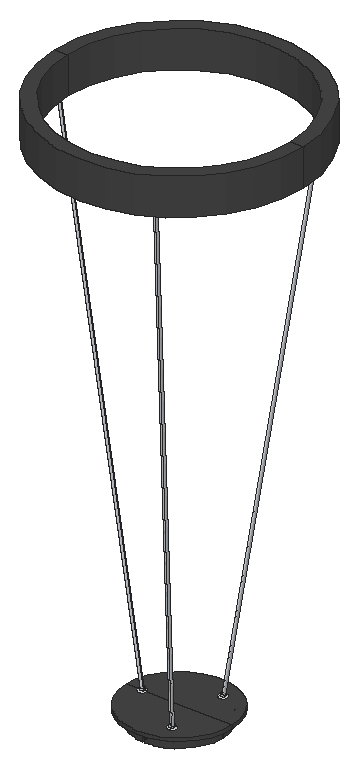
Revit family "VISS ROUND LED LIGHT", category Lighting Fixtures, host Face, Revit 2020
Family settings
  Host = Face
  Round Connector Dimension = Use Diameter
  Part Type = Normal
  Cut with Voids When Loaded = No
  Light Source = Yes
  Shared = No
  Room Calculation Point = No
Parameters (values of type "VSI-R-3624-30901-ACPMK-BK")
  Wattage Comments = "36W"
  Wattage = 16.9649 W
  built-in parameter 1150110 = 1 (stored number, unit not read)
  Voltage = 277 V
  URL = "https://www.abovealllighting.com/search/index.html?keys=VISS%20ROUND%20LED%20LIGHT"
  Type Comments = "VISS ROUND LED LIGHT Acoustic"  # constant formula
  built-in parameter 1114217 = 1 (stored number, unit not read)
  Total Length = 5' - 0"
  Tilt Angle = 90.00°  # constant formula
  built-in parameter 1150109 = 1 (stored number, unit not read)
  built-in parameter 1150134 = (empty or 0)
  Suspender Height = 4' - 0"  # constant formula
  Surface Mount = no
  built-in parameter 1150113 = 1 (stored number, unit not read)
  Surface Acoustic Body = no
  Power Factor = 1  # constant formula
  Photometric Web File = "VSI_R_3624_XX901.IES"
  Order number = "17598"
  Model = "VSI-R-3624-30901-ACPMK-BK"
  Manufacturer = "Above All Lighting"  # constant formula
  built-in parameter 1150105 = 200.54 (stored number, unit not read)
  Lumens = 2520 lm
  built-in parameter 1150115 = 1 (stored number, unit not read)
  Load Classification = Lighting
  built-in parameter 1150137 = (empty or 0)
  built-in parameter 1150139 = (empty or 0)
  built-in parameter 1150112 = 1 (stored number, unit not read)
  built-in parameter 1150114 = 1 (stored number, unit not read)
  built-in parameter 1150132 = 2
  built-in parameter 1150102 = (empty or 0)
  built-in parameter 1150107 = 3000 (stored number, unit not read)
  built-in parameter 1150138 = (empty or 0)
  built-in parameter 1150106 = 2.0054 (stored number, unit not read)
  IP Rating = "20"  # constant formula
  H2 [instance] = sqrt((B1 ^ 2) + (H1 ^ 2))  # 4' - 7.69305"
  H1 [instance] = Total Length - (B + Fixture Height)  # 4' - 7.12"
  Fixture Height = 0' - 3 1/2"
  Fixture Diameter = 0' - 11 205/256"
  built-in parameter 1150104 = 13.8 (stored number, unit not read)
  Driver Options = "0-10V"  # constant formula
  Dimming Lamp Color Temperature Shift = <None>
  Description = "The Viss Series has an unique square and round style with an LED light source illuminating its inner surface."  # constant formula
  Default Elevation = 0' - 0"
  Color Filter = 16777215
  CRI = "90"  # constant formula
  built-in parameter 1114218 = 1 (stored number, unit not read)
  BODY FINISH = Black
  B2 = Fixture Diameter - 0' 0 85/256"  # 0' - 11 15/32"
  B1 = B2 - 0' 3 1/2"  # 0' - 7 31/32"
  B = 0' - 1.38"
  Average life based on 77F(HRS) = "50000"  # constant formula
  built-in parameter 1150133 = 10 (stored number, unit not read)
  Apparent Load = 45 VA
  Aircraft Cable Pendant Mount = yes
  Acoustic Body = no
  Acoustic = Acoustic -130
Types (64): name | Wattage Comments | Wattage | built-in parameter 1150134 | Surface Mount | Surface Acoustic Body | Photometric Web File | Order number | Model | built-in parameter 1150105 | Lumens | built-in parameter 1150107 | built-in parameter 1150106 | H2 | Fixture Diameter | BODY FINISH | B2 | B1 | Apparent Load | Aircraft Cable Pendant Mount | Acoustic Body
  VSI-R-1514-30901-ACPMK-WH | "15W" | 7.06871 W | (empty or 0) | no | no | "VSI-R-1514-30901.IES" | "17592" | "VSI-R-1514-30901-ACPMK-WH" | 83.556 (stored number, unit not read) | 1050 lm | 3000 (stored number, unit not read) | 0.83556 (stored number, unit not read) | 4' - 7.21688" | 0' - 7 13/128" | White | 0' - 6 197/256" | 0' - 3 69/256" | 18.75 VA | yes | no
  VSI-R-2518-30901-ACPMK-WH | "25W" | 11.7812 W | (empty or 0) | no | no | "VSI-R-2518-30901.IES" | "17593" | "VSI-R-2518-30901-ACPMK-WH" | 139.26 (stored number, unit not read) | 1750 lm | 3000 (stored number, unit not read) | 1.3926 (stored number, unit not read) | 4' - 7.34808" | 0' - 8 109/128" | White | 0' - 8 133/256" | 0' - 5 5/256" | 31.25 VA | yes | no
  VSI-R-3624-30901-ACPMK-WH | "36W" | 16.9649 W | (empty or 0) | no | no | "VSI_R_3624_XX901.IES" | "17594" | "VSI-R-3624-30901-ACPMK-WH" | 200.54 (stored number, unit not read) | 2520 lm | 3000 (stored number, unit not read) | 2.0054 (stored number, unit not read) | 4' - 7.69305" | 0' - 11 205/256" | White | 0' - 11 15/32" | 0' - 7 31/32" | 45 VA | yes | no
  VSI-R-5032-30901-ACPMK-WH | "50W" | 23.5624 W | (empty or 0) | no | no | "VSI_R_5032_XX901.IES" | "17595" | "VSI-R-5032-30901-ACPMK-WH" | 278.52 (stored number, unit not read) | 3500 lm | 3000 (stored number, unit not read) | 2.7852 (stored number, unit not read) | 4' - 8.39373" | 1' - 3 3/4" | White | 1' - 3 107/256" | 0' - 11 235/256" | 62.5 VA | yes | no
  VSI-R-1514-40901-ACPMK-WH | "15W" | 7.06871 W | 12 | no | no | "VSI_R_1514_XX901.IES" | "17600" | "VSI-R-1514-40901-ACPMK-WH" | 83.556 (stored number, unit not read) | 1050 lm | 4000 (stored number, unit not read) | 0.83556 (stored number, unit not read) | 4' - 7.21688" | 0' - 7 13/128" | White | 0' - 6 197/256" | 0' - 3 69/256" | 18.75 VA | yes | no
  VSI-R-2518-40901-ACPMK-WH | "25W" | 11.7812 W | 12 | no | no | "VSI_R_2518_XX901.IES" | "17601" | "VSI-R-2518-40901-ACPMK-WH" | 139.26 (stored number, unit not read) | 1750 lm | 4000 (stored number, unit not read) | 1.3926 (stored number, unit not read) | 4' - 7.34808" | 0' - 8 109/128" | White | 0' - 8 133/256" | 0' - 5 5/256" | 31.25 VA | yes | no
  VSI-R-3624-40901-ACPMK-WH | "36W" | 16.9649 W | 12 | no | no | "VSI-S-3624-40901.IES" | "17602" | "VSI-R-3624-40901-ACPMK-WH" | 200.54 (stored number, unit not read) | 2520 lm | 4000 (stored number, unit not read) | 2.0054 (stored number, unit not read) | 4' - 7.69305" | 0' - 11 205/256" | White | 0' - 11 15/32" | 0' - 7 31/32" | 45 VA | yes | no
  VSI-R-5032-40901-ACPMK-WH | "50W" | 23.5624 W | 12 | no | no | "VSI-R-5032-40901.IES" | "17603" | "VSI-R-5032-40901-ACPMK-WH" | 278.52 (stored number, unit not read) | 3500 lm | 4000 (stored number, unit not read) | 2.7852 (stored number, unit not read) | 4' - 8.39373" | 1' - 3 3/4" | White | 1' - 3 107/256" | 0' - 11 235/256" | 62.5 VA | yes | no
  VSI-R-LA-1514-30901-ACPMK-WH-NSAC-021 130 | "15W" | 7.06871 W | (empty or 0) | no | no | "VSI_R_1514_with_acoustic.IES" | "17608" | "VSI-R-LA-1514-30901-ACPMK-WH-NSAC-021 130" | 83.556 (stored number, unit not read) | 1050 lm | 3000 (stored number, unit not read) | 0.83556 (stored number, unit not read) | 4' - 7.21688" | 0' - 7 13/128" | White | 0' - 6 197/256" | 0' - 3 69/256" | 18.75 VA | yes | yes
  VSI-R-LA-2518-30901-ACPMK-WH-NSAC-021 130 | "25W" | 11.7812 W | (empty or 0) | no | no | "VSI_R_2518_with_acoustic.IES" | "17609" | "VSI-R-LA-2518-30901-ACPMK-WH-NSAC-021 130" | 139.26 (stored number, unit not read) | 1750 lm | 3000 (stored number, unit not read) | 1.3926 (stored number, unit not read) | 4' - 7.34808" | 0' - 8 109/128" | White | 0' - 8 133/256" | 0' - 5 5/256" | 31.25 VA | yes | yes
  VSI-R-LA-3624-30901-ACPMK-WH-NSAC-021 130 | "36W" | 16.9649 W | (empty or 0) | no | no | "VSI_R_3624_with_acoustic.IES" | "17610" | "VSI-R-LA-3624-30901-ACPMK-WH-NSAC-021 130" | 200.54 (stored number, unit not read) | 2520 lm | 3000 (stored number, unit not read) | 2.0054 (stored number, unit not read) | 4' - 7.69305" | 0' - 11 205/256" | White | 0' - 11 15/32" | 0' - 7 31/32" | 45 VA | yes | yes
  VSI-R-LA-5032-30901-ACPMK-WH-NSAC-021 130 | "50W" | 23.5624 W | (empty or 0) | no | no | "VSI_R_5032_with_acoustic.IES" | "17611" | "VSI-R-LA-5032-30901-ACPMK-WH-NSAC-021 130" | 278.52 (stored number, unit not read) | 3500 lm | 3000 (stored number, unit not read) | 2.7852 (stored number, unit not read) | 4' - 8.39373" | 1' - 3 3/4" | White | 1' - 3 107/256" | 0' - 11 235/256" | 62.5 VA | yes | yes
  VSI-R-LA-1514-40901-ACPMK-WH-NSAC-021 130 | "15W" | 7.06871 W | 12 | no | no | "VSI_R_1514_with_acoustic.IES" | "17616" | "VSI-R-LA-1514-40901-ACPMK-WH-NSAC-021 130" | 83.556 (stored number, unit not read) | 1050 lm | 4000 (stored number, unit not read) | 0.83556 (stored number, unit not read) | 4' - 7.21688" | 0' - 7 13/128" | White | 0' - 6 197/256" | 0' - 3 69/256" | 18.75 VA | yes | yes
  VSI-R-LA-2518-40901-ACPMK-WH-NSAC-021 130 | "25W" | 11.7812 W | 12 | no | no | "VSI_R_2518_with_acoustic.IES" | "17617" | "VSI-R-LA-2518-40901-ACPMK-WH-NSAC-021 130" | 139.26 (stored number, unit not read) | 1750 lm | 4000 (stored number, unit not read) | 1.3926 (stored number, unit not read) | 4' - 7.34808" | 0' - 8 109/128" | White | 0' - 8 133/256" | 0' - 5 5/256" | 31.25 VA | yes | yes
  VSI-R-LA-3624-40901-ACPMK-WH-NSAC-021 130 | "36W" | 16.9649 W | 12 | no | no | "VSI_R_3624_with_acoustic.IES" | "17618" | "VSI-R-LA-3624-40901-ACPMK-WH-NSAC-021 130" | 200.54 (stored number, unit not read) | 2520 lm | 4000 (stored number, unit not read) | 2.0054 (stored number, unit not read) | 4' - 7.69305" | 0' - 11 205/256" | White | 0' - 11 15/32" | 0' - 7 31/32" | 45 VA | yes | yes
  VSI-R-LA-5032-40901-ACPMK-WH-NSAC-021 130 | "50W" | 23.5624 W | 12 | no | no | "VSI_R_5032_with_acoustic.IES" | "17619" | "VSI-R-LA-5032-40901-ACPMK-WH-NSAC-021 130" | 278.52 (stored number, unit not read) | 3500 lm | 4000 (stored number, unit not read) | 2.7852 (stored number, unit not read) | 4' - 8.39373" | 1' - 3 3/4" | White | 1' - 3 107/256" | 0' - 11 235/256" | 62.5 VA | yes | yes
  VSI-R-1514-30901-SMK-WH | "15W" | 7.06871 W | (empty or 0) | yes | no | "VSI-R-1514-30901.IES" | "17657" | "VSI-R-1514-30901-SMK-WH" | 83.556 (stored number, unit not read) | 1050 lm | 3000 (stored number, unit not read) | 0.83556 (stored number, unit not read) | 4' - 7.21688" | 0' - 7 13/128" | White | 0' - 6 197/256" | 0' - 3 69/256" | 18.75 VA | no | no
  VSI-R-LA-1514-30901-SMK-WH-NSAC-021 130 | "15W" | 7.06871 W | (empty or 0) | yes | yes | "VSI_R_1514_with_acoustic.IES" | "17673" | "VSI-R-LA-1514-30901-SMK-WH-NSAC-021 130" | 83.556 (stored number, unit not read) | 1050 lm | 3000 (stored number, unit not read) | 0.83556 (stored number, unit not read) | 4' - 7.21688" | 0' - 7 13/128" | White | 0' - 6 197/256" | 0' - 3 69/256" | 18.75 VA | no | no
  VSI-R-2518-30901-SMK-WH | "25W" | 11.7812 W | (empty or 0) | yes | no | "VSI-R-2518-30901.IES" | "17658" | "VSI-R-2518-30901-SMK-WH" | 139.26 (stored number, unit not read) | 1750 lm | 3000 (stored number, unit not read) | 1.3926 (stored number, unit not read) | 4' - 7.34808" | 0' - 8 109/128" | White | 0' - 8 133/256" | 0' - 5 5/256" | 31.25 VA | no | no
  VSI-R-3624-30901-SMK-WH | "36W" | 16.9649 W | (empty or 0) | yes | no | "VSI_R_3624_XX901.IES" | "17659" | "VSI-R-3624-30901-SMK-WH" | 200.54 (stored number, unit not read) | 2520 lm | 3000 (stored number, unit not read) | 2.0054 (stored number, unit not read) | 4' - 7.69305" | 0' - 11 205/256" | White | 0' - 11 15/32" | 0' - 7 31/32" | 45 VA | no | no
  VSI-R-5032-30901-SMK-WH | "50W" | 23.5624 W | (empty or 0) | yes | no | "VSI_R_5032_XX901.IES" | "17660" | "VSI-R-5032-30901-SMK-WH" | 278.52 (stored number, unit not read) | 3500 lm | 3000 (stored number, unit not read) | 2.7852 (stored number, unit not read) | 4' - 8.39373" | 1' - 3 3/4" | White | 1' - 3 107/256" | 0' - 11 235/256" | 62.5 VA | no | no
  VSI-R-1514-40901-SMK-WH | "15W" | 7.06871 W | 12 | yes | no | "VSI_R_1514_XX901.IES" | "17665" | "VSI-R-1514-40901-SMK-WH" | 83.556 (stored number, unit not read) | 1050 lm | 4000 (stored number, unit not read) | 0.83556 (stored number, unit not read) | 4' - 7.21688" | 0' - 7 13/128" | White | 0' - 6 197/256" | 0' - 3 69/256" | 18.75 VA | no | no
  VSI-R-2518-40901-SMK-WH | "25W" | 11.7812 W | 12 | yes | no | "VSI_R_2518_XX901.IES" | "17666" | "VSI-R-2518-40901-SMK-WH" | 139.26 (stored number, unit not read) | 1750 lm | 4000 (stored number, unit not read) | 1.3926 (stored number, unit not read) | 4' - 7.34808" | 0' - 8 109/128" | White | 0' - 8 133/256" | 0' - 5 5/256" | 31.25 VA | no | no
  VSI-R-3624-40901-SMK-WH | "36W" | 16.9649 W | 12 | yes | no | "VSI-R-3624-40901.IES" | "17667" | "VSI-R-3624-40901-SMK-WH" | 200.54 (stored number, unit not read) | 2520 lm | 4000 (stored number, unit not read) | 2.0054 (stored number, unit not read) | 4' - 7.69305" | 0' - 11 205/256" | White | 0' - 11 15/32" | 0' - 7 31/32" | 45 VA | no | no
  VSI-R-5032-40901-SMK-WH | "50W" | 23.5624 W | 12 | yes | no | "VSI-R-5032-40901.IES" | "17668" | "VSI-R-5032-40901-SMK-WH" | 278.52 (stored number, unit not read) | 3500 lm | 4000 (stored number, unit not read) | 2.7852 (stored number, unit not read) | 4' - 8.39373" | 1' - 3 3/4" | White | 1' - 3 107/256" | 0' - 11 235/256" | 62.5 VA | no | no
  VSI-R-LA-2518-30901-SMK-WH-NSAC-021 130 | "25W" | 11.7812 W | (empty or 0) | yes | yes | "VSI_R_2518_with_acoustic.IES" | "17674" | "VSI-R-LA-2518-30901-SMK-WH-NSAC-021 130" | 139.26 (stored number, unit not read) | 1750 lm | 3000 (stored number, unit not read) | 1.3926 (stored number, unit not read) | 4' - 7.34808" | 0' - 8 109/128" | White | 0' - 8 133/256" | 0' - 5 5/256" | 31.25 VA | no | no
  VSI-R-LA-3624-30901-SMK-WH-NSAC-021 130 | "36W" | 16.9649 W | (empty or 0) | yes | yes | "VSI_R_3624_with_acoustic.IES" | "17675" | "VSI-R-LA-3624-30901-SMK-WH-NSAC-021 130" | 200.54 (stored number, unit not read) | 2520 lm | 3000 (stored number, unit not read) | 2.0054 (stored number, unit not read) | 4' - 7.69305" | 0' - 11 205/256" | White | 0' - 11 15/32" | 0' - 7 31/32" | 45 VA | no | no
  VSI-R-LA-5032-30901-SMK-WH-NSAC-021 130 | "50W" | 23.5624 W | (empty or 0) | yes | yes | "VSI_R_5032_with_acoustic.IES" | "17676" | "VSI-R-LA-5032-30901-SMK-WH-NSAC-021 130" | 278.52 (stored number, unit not read) | 3500 lm | 3000 (stored number, unit not read) | 2.7852 (stored number, unit not read) | 4' - 8.39373" | 1' - 3 3/4" | White | 1' - 3 107/256" | 0' - 11 235/256" | 62.5 VA | no | no
  VSI-R-LA-1514-40901-SMK-WH-NSAC-021 130 | "15W" | 7.06871 W | 12 | yes | yes | "VSI_R_1514_with_acoustic.IES" | "17681" | "VSI-R-LA-1514-40901-SMK-WH-NSAC-021 130" | 83.556 (stored number, unit not read) | 1050 lm | 4000 (stored number, unit not read) | 0.83556 (stored number, unit not read) | 4' - 7.21688" | 0' - 7 13/128" | White | 0' - 6 197/256" | 0' - 3 69/256" | 18.75 VA | no | no
  VSI-R-LA-2518-40901-SMK-WH-NSAC-021 130 | "25W" | 11.7812 W | 12 | yes | yes | "VSI_R_2518_with_acoustic.IES" | "17682" | "VSI-R-LA-2518-40901-SMK-WH-NSAC-021 130" | 139.26 (stored number, unit not read) | 1750 lm | 4000 (stored number, unit not read) | 1.3926 (stored number, unit not read) | 4' - 7.34808" | 0' - 8 109/128" | White | 0' - 8 133/256" | 0' - 5 5/256" | 31.25 VA | no | no
  VSI-R-LA-3624-40901-SMK-WH-NSAC-021 130 | "36W" | 16.9649 W | 12 | yes | yes | "VSI_R_3624_with_acoustic.IES" | "17683" | "VSI-R-LA-3624-40901-SMK-WH-NSAC-021 130" | 200.54 (stored number, unit not read) | 2520 lm | 4000 (stored number, unit not read) | 2.0054 (stored number, unit not read) | 4' - 7.69305" | 0' - 11 205/256" | White | 0' - 11 15/32" | 0' - 7 31/32" | 45 VA | no | no
  VSI-R-LA-5032-40901-SMK-WH-NSAC-021 130 | "50W" | 23.5624 W | 12 | yes | yes | "VSI_R_5032_with_acoustic.IES" | "17684" | "VSI-R-LA-5032-40901-SMK-WH-NSAC-021 130" | 278.52 (stored number, unit not read) | 3500 lm | 4000 (stored number, unit not read) | 2.7852 (stored number, unit not read) | 4' - 8.39373" | 1' - 3 3/4" | White | 1' - 3 107/256" | 0' - 11 235/256" | 62.5 VA | no | no
  VSI-R-1514-30901-ACPMK-BK | "15W" | 7.06871 W | (empty or 0) | no | no | "VSI-R-1514-30901.IES" | "17596" | "VSI-R-1514-30901-ACPMK-BK" | 83.556 (stored number, unit not read) | 1050 lm | 3000 (stored number, unit not read) | 0.83556 (stored number, unit not read) | 4' - 7.21688" | 0' - 7 13/128" | Black | 0' - 6 197/256" | 0' - 3 69/256" | 18.75 VA | yes | no
  VSI-R-2518-30901-ACPMK-BK | "25W" | 11.7812 W | (empty or 0) | no | no | "VSI-R-2518-30901.IES" | "17597" | "VSI-R-2518-30901-ACPMK-BK" | 139.26 (stored number, unit not read) | 1750 lm | 3000 (stored number, unit not read) | 1.3926 (stored number, unit not read) | 4' - 7.34808" | 0' - 8 109/128" | Black | 0' - 8 133/256" | 0' - 5 5/256" | 31.25 VA | yes | no
  VSI-R-3624-30901-ACPMK-BK | "36W" | 16.9649 W | (empty or 0) | no | no | "VSI_R_3624_XX901.IES" | "17598" | "VSI-R-3624-30901-ACPMK-BK" | 200.54 (stored number, unit not read) | 2520 lm | 3000 (stored number, unit not read) | 2.0054 (stored number, unit not read) | 4' - 7.69305" | 0' - 11 205/256" | Black | 0' - 11 15/32" | 0' - 7 31/32" | 45 VA | yes | no
  VSI-R-5032-30901-ACPMK-BK | "50W" | 23.5624 W | (empty or 0) | no | no | "VSI_R_5032_XX901.IES" | "17599" | "VSI-R-5032-30901-ACPMK-BK" | 278.52 (stored number, unit not read) | 3500 lm | 3000 (stored number, unit not read) | 2.7852 (stored number, unit not read) | 4' - 8.39373" | 1' - 3 3/4" | Black | 1' - 3 107/256" | 0' - 11 235/256" | 62.5 VA | yes | no
  VSI-R-1514-40901-ACPMK-BK | "15W" | 7.06871 W | 12 | no | no | "VSI_R_1514_XX901.IES" | "17604" | "VSI-R-1514-40901-ACPMK-BK" | 83.556 (stored number, unit not read) | 1050 lm | 4000 (stored number, unit not read) | 0.83556 (stored number, unit not read) | 4' - 7.21688" | 0' - 7 13/128" | Black | 0' - 6 197/256" | 0' - 3 69/256" | 18.75 VA | yes | no
  VSI-R-2518-40901-ACPMK-BK | "25W" | 11.7812 W | 12 | no | no | "VSI_R_2518_XX901.IES" | "17605" | "VSI-R-2518-40901-ACPMK-BK" | 139.26 (stored number, unit not read) | 1750 lm | 4000 (stored number, unit not read) | 1.3926 (stored number, unit not read) | 4' - 7.34808" | 0' - 8 109/128" | Black | 0' - 8 133/256" | 0' - 5 5/256" | 31.25 VA | yes | no
  VSI-R-3624-40901-ACPMK-BK | "36W" | 16.9649 W | 12 | no | no | "VSI-R-3624-40901.IES" | "17606" | "VSI-R-3624-40901-ACPMK-BK" | 200.54 (stored number, unit not read) | 2520 lm | 4000 (stored number, unit not read) | 2.0054 (stored number, unit not read) | 4' - 7.69305" | 0' - 11 205/256" | Black | 0' - 11 15/32" | 0' - 7 31/32" | 45 VA | yes | no
  VSI-R-5032-40901-ACPMK-BK | "50W" | 23.5624 W | 12 | no | no | "VSI-R-5032-40901.IES" | "17607" | "VSI-R-5032-40901-ACPMK-BK" | 278.52 (stored number, unit not read) | 3500 lm | 4000 (stored number, unit not read) | 2.7852 (stored number, unit not read) | 4' - 8.39373" | 1' - 3 3/4" | Black | 1' - 3 107/256" | 0' - 11 235/256" | 62.5 VA | yes | no
  VSI-R-1514-30901-SMK-BK | "15W" | 7.06871 W | (empty or 0) | yes | no | "VSI-R-1514-30901.IES" | "17661" | "VSI-R-1514-30901-SMK-BK" | 83.556 (stored number, unit not read) | 1050 lm | 3000 (stored number, unit not read) | 0.83556 (stored number, unit not read) | 4' - 7.21688" | 0' - 7 13/128" | Black | 0' - 6 197/256" | 0' - 3 69/256" | 18.75 VA | no | no
  VSI-R-2518-30901-SMK-BK | "25W" | 11.7812 W | (empty or 0) | yes | no | "VSI-R-2518-30901.IES" | "17662" | "VSI-R-2518-30901-SMK-BK" | 139.26 (stored number, unit not read) | 1750 lm | 3000 (stored number, unit not read) | 1.3926 (stored number, unit not read) | 4' - 7.34808" | 0' - 8 109/128" | Black | 0' - 8 133/256" | 0' - 5 5/256" | 31.25 VA | no | no
  VSI-R-3624-30901-SMK-BK | "36W" | 16.9649 W | (empty or 0) | yes | no | "VSI_R_3624_XX901.IES" | "17663" | "VSI-R-3624-30901-SMK-BK" | 200.54 (stored number, unit not read) | 2520 lm | 3000 (stored number, unit not read) | 2.0054 (stored number, unit not read) | 4' - 7.69305" | 0' - 11 205/256" | Black | 0' - 11 15/32" | 0' - 7 31/32" | 45 VA | no | no
  VSI-R-5032-30901-SMK-BK | "50W" | 23.5624 W | (empty or 0) | yes | no | "VSI_R_5032_XX901.IES" | "17664" | "VSI-R-5032-30901-SMK-BK" | 278.52 (stored number, unit not read) | 3500 lm | 3000 (stored number, unit not read) | 2.7852 (stored number, unit not read) | 4' - 8.39373" | 1' - 3 3/4" | Black | 1' - 3 107/256" | 0' - 11 235/256" | 62.5 VA | no | no
  VSI-R-1514-40901-SMK-BK | "15W" | 7.06871 W | 12 | yes | no | "VSI_R_1514_XX901.IES" | "17669" | "VSI-R-1514-40901-SMK-BK" | 83.556 (stored number, unit not read) | 1050 lm | 4000 (stored number, unit not read) | 0.83556 (stored number, unit not read) | 4' - 7.21688" | 0' - 7 13/128" | Black | 0' - 6 197/256" | 0' - 3 69/256" | 18.75 VA | no | no
  VSI-R-2518-40901-SMK-BK | "25W" | 11.7812 W | 12 | yes | no | "VSI_R_2518_XX901.IES" | "17670" | "VSI-R-2518-40901-SMK-BK" | 139.26 (stored number, unit not read) | 1750 lm | 4000 (stored number, unit not read) | 1.3926 (stored number, unit not read) | 4' - 7.34808" | 0' - 8 109/128" | Black | 0' - 8 133/256" | 0' - 5 5/256" | 31.25 VA | no | no
  VSI-R-3624-40901-SMK-BK | "36W" | 16.9649 W | 12 | yes | no | "VSI-R-3624-40901.IES" | "17671" | "VSI-R-3624-40901-SMK-BK" | 200.54 (stored number, unit not read) | 2520 lm | 4000 (stored number, unit not read) | 2.0054 (stored number, unit not read) | 4' - 7.69305" | 0' - 11 205/256" | Black | 0' - 11 15/32" | 0' - 7 31/32" | 45 VA | no | no
  VSI-R-5032-40901-SMK-BK | "50W" | 23.5624 W | 12 | yes | no | "VSI-R-5032-40901.IES" | "17672" | "VSI-R-5032-40901-SMK-BK" | 278.52 (stored number, unit not read) | 3500 lm | 4000 (stored number, unit not read) | 2.7852 (stored number, unit not read) | 4' - 8.39373" | 1' - 3 3/4" | Black | 1' - 3 107/256" | 0' - 11 235/256" | 62.5 VA | no | no
  VSI-R-LA-1514-30901-ACPMK-BK-NSAC-021 130 | "15W" | 7.06871 W | (empty or 0) | no | no | "VSI_R_1514_with_acoustic.IES" | "17612" | "VSI-R-LA-1514-30901-ACPMK-BK-NSAC-021 130" | 83.556 (stored number, unit not read) | 1050 lm | 3000 (stored number, unit not read) | 0.83556 (stored number, unit not read) | 4' - 7.21688" | 0' - 7 13/128" | Black | 0' - 6 197/256" | 0' - 3 69/256" | 18.75 VA | yes | yes
  VSI-R-LA-2518-30901-ACPMK-BK-NSAC-021 130 | "25W" | 11.7812 W | (empty or 0) | no | no | "VSI_R_2518_with_acoustic.IES" | "17613" | "VSI-R-LA-2518-30901-ACPMK-BK-NSAC-021 130" | 139.26 (stored number, unit not read) | 1750 lm | 3000 (stored number, unit not read) | 1.3926 (stored number, unit not read) | 4' - 7.34808" | 0' - 8 109/128" | Black | 0' - 8 133/256" | 0' - 5 5/256" | 31.25 VA | yes | yes
  VSI-R-LA-3624-30901-ACPMK-BK-NSAC-021 130 | "36W" | 16.9649 W | (empty or 0) | no | no | "VSI_R_3624_with_acoustic.IES" | "17614" | "VSI-R-LA-3624-30901-ACPMK-BK-NSAC-021 130" | 200.54 (stored number, unit not read) | 2520 lm | 3000 (stored number, unit not read) | 2.0054 (stored number, unit not read) | 4' - 7.69305" | 0' - 11 205/256" | Black | 0' - 11 15/32" | 0' - 7 31/32" | 45 VA | yes | yes
  VSI-R-LA-5032-30901-ACPMK-BK-NSAC-021 130 | "50W" | 23.5624 W | (empty or 0) | no | no | "VSI_R_5032_with_acoustic.IES" | "17615" | "VSI-R-LA-5032-30901-ACPMK-BK-NSAC-021 130" | 278.52 (stored number, unit not read) | 3500 lm | 3000 (stored number, unit not read) | 2.7852 (stored number, unit not read) | 4' - 8.39373" | 1' - 3 3/4" | Black | 1' - 3 107/256" | 0' - 11 235/256" | 62.5 VA | yes | yes
  VSI-R-LA-1514-40901-ACPMK-BK-NSAC-021 130 | "15W" | 7.06871 W | 12 | no | no | "VSI_R_1514_with_acoustic.IES" | "17620" | "VSI-R-LA-1514-40901-ACPMK-BK-NSAC-021 130" | 83.556 (stored number, unit not read) | 1050 lm | 4000 (stored number, unit not read) | 0.83556 (stored number, unit not read) | 4' - 7.21688" | 0' - 7 13/128" | Black | 0' - 6 197/256" | 0' - 3 69/256" | 18.75 VA | yes | yes
  VSI-R-LA-2518-40901-ACPMK-BK-NSAC-021 130 | "25W" | 11.7812 W | 12 | no | no | "VSI_R_2518_with_acoustic.IES" | "17621" | "VSI-R-LA-2518-40901-ACPMK-BK-NSAC-021 130" | 139.26 (stored number, unit not read) | 1750 lm | 4000 (stored number, unit not read) | 1.3926 (stored number, unit not read) | 4' - 7.34808" | 0' - 8 109/128" | Black | 0' - 8 133/256" | 0' - 5 5/256" | 31.25 VA | yes | yes
  VSI-R-LA-3624-40901-ACPMK-BK-NSAC-021 130 | "36W" | 16.9649 W | 12 | no | no | "VSI_R_3624_with_acoustic.IES" | "17622" | "VSI-R-LA-3624-40901-ACPMK-BK-NSAC-021 130" | 200.54 (stored number, unit not read) | 2520 lm | 4000 (stored number, unit not read) | 2.0054 (stored number, unit not read) | 4' - 7.69305" | 0' - 11 205/256" | Black | 0' - 11 15/32" | 0' - 7 31/32" | 45 VA | yes | yes
  VSI-R-LA-5032-40901-ACPMK-BK-NSAC-021 130 | "50W" | 23.5624 W | 12 | no | no | "VSI_R_5032_with_acoustic.IES" | "17623" | "VSI-R-LA-5032-40901-ACPMK-BK-NSAC-021 130" | 278.52 (stored number, unit not read) | 3500 lm | 4000 (stored number, unit not read) | 2.7852 (stored number, unit not read) | 4' - 8.39373" | 1' - 3 3/4" | Black | 1' - 3 107/256" | 0' - 11 235/256" | 62.5 VA | yes | yes
  VSI-R-LA-1514-30901-SMK-BK-NSAC-021 130 | "15W" | 7.06871 W | (empty or 0) | yes | yes | "VSI_R_1514_with_acoustic.IES" | "17677" | "VSI-R-LA-1514-30901-SMK-BK-NSAC-021 130" | 83.556 (stored number, unit not read) | 1050 lm | 3000 (stored number, unit not read) | 0.83556 (stored number, unit not read) | 4' - 7.21688" | 0' - 7 13/128" | Black | 0' - 6 197/256" | 0' - 3 69/256" | 18.75 VA | no | no
  VSI-R-LA-2518-30901-SMK-BK-NSAC-021 130 | "25W" | 11.7812 W | (empty or 0) | yes | yes | "VSI_R_2518_with_acoustic.IES" | "17678" | "VSI-R-LA-2518-30901-SMK-BK-NSAC-021 130" | 139.26 (stored number, unit not read) | 1750 lm | 3000 (stored number, unit not read) | 1.3926 (stored number, unit not read) | 4' - 7.34808" | 0' - 8 109/128" | Black | 0' - 8 133/256" | 0' - 5 5/256" | 31.25 VA | no | no
  VSI-R-LA-3624-30901-SMK-BK-NSAC-021 130 | "36W" | 16.9649 W | (empty or 0) | yes | yes | "VSI_R_3624_with_acoustic.IES" | "17679" | "VSI-R-LA-3624-30901-SMK-BK-NSAC-021 130" | 200.54 (stored number, unit not read) | 2520 lm | 3000 (stored number, unit not read) | 2.0054 (stored number, unit not read) | 4' - 7.69305" | 0' - 11 205/256" | Black | 0' - 11 15/32" | 0' - 7 31/32" | 45 VA | no | no
  VSI-R-LA-5032-30901-SMK-BK-NSAC-021 130 | "50W" | 23.5624 W | (empty or 0) | yes | yes | "VSI_R_5032_with_acoustic.IES" | "17680" | "VSI-R-LA-5032-30901-SMK-BK-NSAC-021 130" | 278.52 (stored number, unit not read) | 3500 lm | 3000 (stored number, unit not read) | 2.7852 (stored number, unit not read) | 4' - 8.39373" | 1' - 3 3/4" | Black | 1' - 3 107/256" | 0' - 11 235/256" | 62.5 VA | no | no
  VSI-R-LA-1514-40901-SMK-BK-NSAC-021 130 | "15W" | 7.06871 W | 12 | yes | yes | "VSI_R_1514_with_acoustic.IES" | "17685" | "VSI-R-LA-1514-40901-SMK-BK-NSAC-021 130" | 83.556 (stored number, unit not read) | 1050 lm | 4000 (stored number, unit not read) | 0.83556 (stored number, unit not read) | 4' - 7.21688" | 0' - 7 13/128" | Black | 0' - 6 197/256" | 0' - 3 69/256" | 18.75 VA | no | no
  VSI-R-LA-2518-40901-SMK-BK-NSAC-021 130 | "25W" | 11.7812 W | 12 | yes | yes | "VSI_R_2518_with_acoustic.IES" | "17686" | "VSI-R-LA-2518-40901-SMK-BK-NSAC-021 130" | 139.26 (stored number, unit not read) | 1750 lm | 4000 (stored number, unit not read) | 1.3926 (stored number, unit not read) | 4' - 7.34808" | 0' - 8 109/128" | Black | 0' - 8 133/256" | 0' - 5 5/256" | 31.25 VA | no | no
  VSI-R-LA-3624-40901-SMK-BK-NSAC-021 130 | "36W" | 16.9649 W | 12 | yes | yes | "VSI_R_3624_with_acoustic.IES" | "17687" | "VSI-R-LA-3624-40901-SMK-BK-NSAC-021 130" | 200.54 (stored number, unit not read) | 2520 lm | 4000 (stored number, unit not read) | 2.0054 (stored number, unit not read) | 4' - 7.69305" | 0' - 11 205/256" | Black | 0' - 11 15/32" | 0' - 7 31/32" | 45 VA | no | no
  VSI-R-LA-5032-40901-SMK-BK-NSAC-021 130 | "50W" | 23.5624 W | 12 | yes | yes | "VSI_R_5032_with_acoustic.IES" | "17688" | "VSI-R-LA-5032-40901-SMK-BK-NSAC-021 130" | 278.52 (stored number, unit not read) | 3500 lm | 4000 (stored number, unit not read) | 2.7852 (stored number, unit not read) | 4' - 8.39373" | 1' - 3 3/4" | Black | 1' - 3 107/256" | 0' - 11 235/256" | 62.5 VA | no | no
Reference planes (in)
  plane 1 "Center (Front/Back)": y = 0
  plane 2: z = 0
  plane 3 "Center (Left/Right)": x = 0
  plane 4: z = 52.88
  plane 5: z = 49.38
  plane 6: z = 1.38
  plane 7: x = -3.5
  plane 8: x = -11.46875
  plane 9: x = 8.5
  plane 10: x = 3.5
  plane 11: y = -3.5
  plane 12: y = 3.5
Forms (in)
  Revolve 1, solid, material "Black" <- "BODY FINISH", visible <- "Aircraft Cable Pendant Mount"
    sketch origin (0, 0, 0) x (1, 0, 0) y (0, 0, 1)
      loop
        line (3.91382, 0) -> (4.16382, 0) -> (4.16382, 1.05649) -> (5, 1.05649) -> (5, 1.38) -> (0, 1.38) -> (0, 1.05649) -> (3.91382, 1.05649) -> (3.91382, 0)
      axis (0, 1.38) -> (0, 0)
    angle from 0 to 360
  Revolve 2, solid, material "Black" <- "BODY FINISH", visible <- "Aircraft Cable Pendant Mount"
    sketch origin (0, 0, 0) x (1, 0, 0) y (0, 0, 1)
      loop
        line (10.55078, 52.88) -> (10.55078, 49.38) -> (11.80078, 49.38) -> (11.80078, 52.88) -> (10.55078, 52.88)
      axis (0, 49.38) -> (0, 52.88)
    angle from 0 to 360
  Revolve 3, solid, visible <- "Aircraft Cable Pendant Mount"
    sketch origin (0, 0, 0) x (1, 0, 0) y (0, 0, 1)
      loop
        line (-3.6592, 1.37979) -> (-3.6592, 1.62009) -> (-3.70274, 1.62009) -> (-3.70274, 1.41716) -> (-3.74063, 1.41716)
        arc (-3.74063, 1.41716) -> (-3.80473, 1.40761) -> (-3.86326, 1.37979) r 0.21989
        line (-3.86326, 1.37979) -> (-3.6592, 1.37979)
      axis (-3.5, 1.37979) -> (-3.5, 1.62009)
    angle from 0 to 360
  Revolve 4, solid, visible <- "Aircraft Cable Pendant Mount"
    sketch origin (0, 0, 0) x (-0.5, -0.866025, 0) y (0, 0, 1)
      loop
        line (-3.6592, 1.37979) -> (-3.6592, 1.62009) -> (-3.70274, 1.62009) -> (-3.70274, 1.41716) -> (-3.74063, 1.41716)
        arc (-3.74063, 1.41716) -> (-3.80473, 1.40761) -> (-3.86326, 1.37979) r 0.21989
        line (-3.86326, 1.37979) -> (-3.6592, 1.37979)
      axis (-3.5, 1.37979) -> (-3.5, 1.62009)
    angle from 0 to 360
  Revolve 5, solid, visible <- "Aircraft Cable Pendant Mount"
    sketch origin (0, 0, 0) x (-0.5, 0.866025, 0) y (0, 0, 1)
      loop
        line (-3.6592, 1.37979) -> (-3.6592, 1.62009) -> (-3.70274, 1.62009) -> (-3.70274, 1.41716) -> (-3.74063, 1.41716)
        arc (-3.74063, 1.41716) -> (-3.80473, 1.40761) -> (-3.86326, 1.37979) r 0.21989
        line (-3.86326, 1.37979) -> (-3.6592, 1.37979)
      axis (-3.5, 1.37979) -> (-3.5, 1.62009)
    angle from 0 to 360
  Extrusion 6, void
    sketch origin (0, 0, 0) x (0, -1, 0) y (0, 0, 1)
      loop
        line (0, 0) -> (0.11733, 0) -> (0.11733, 0.48865) -> (-0.20546, 0.48865)
        arc (-0.20546, 0.48865) -> (-0.28657, 0.45506) -> (-0.32017, 0.37395) r 0.1147
        line (-0.32017, 0.37395) -> (-0.32017, 0.29916) -> (-0.09333, 0.29916) -> (-0.09333, 0) -> (0, 0)
    from -4.40267 to 4.34129
  Extrusion 7, void
    sketch origin (0, 0, 0) x (-1, 0, 0) y (0, 0, 1)
      loop
        line (0, 0) -> (0.11733, 0) -> (0.11733, 0.48865) -> (-0.20546, 0.48865)
        arc (-0.20546, 0.48865) -> (-0.28657, 0.45506) -> (-0.32017, 0.37395) r 0.1147
        line (-0.32017, 0.37395) -> (-0.32017, 0.29916) -> (-0.09333, 0.29916) -> (-0.09333, 0) -> (0, 0)
    from -4.40267 to 4.34129
Cuts and joins
  Extrusion 6, Extrusion 7 cuts Revolve 1
Dimensions and locks (in)
  "Fixture Height": plane 4 to plane 5
  "Fixture Diameter": Revolve 2 sketch curve to plane 3 "Center (Left/Right)"
  "B2": plane 3 "Center (Left/Right)" to plane 8
  "B": plane 6 to plane 2
  locked: Revolve 2 sketch curve to Revolve 2 sketch curve at 1.25
  locked: plane 3 "Center (Left/Right)" to plane 7 at 3.5
  locked: plane 11 to plane 1 "Center (Front/Back)" at 3.5
  "Suspender Height": plane 5 to plane 6
  aligned and locked: plane 2 to host face
  aligned and locked: level to host face
  aligned and locked: plane 5 to Revolve 2
  aligned and locked: plane 4 to Revolve 2
  aligned and locked: plane 3 "Center (Left/Right)" to imposter light
  aligned and locked: plane 5 to imposter light
  aligned and locked: nested 1 to plane 7
  aligned and locked: nested 5 to plane 5
  aligned and locked: nested 4 to plane 2
Automatic sketch dimensions
  host sketch curve to host sketch curve = 8' - 0"  (x2)
  Revolve 1 sketch curve to plane 3 "Center (Left/Right)" = 0' - 0"  (x2)
  Revolve 1 sketch curve to level = 0' - 0"  (x2)
  Revolve 1 sketch curve to plane 6 = 0' - 0"  (x2)
  plane 10 to Revolve 1 sketch curve = 0' - 0.41382"
  Revolve 1 sketch curve to Revolve 1 sketch curve = 0' - 0 1/4"
  Revolve 1 sketch curve to plane 6 = 0' - 0.32351"  (x2)
  Revolve 1 sketch curve to Revolve 1 sketch curve = 0' - 0.83618"
  plane 7 to Revolve 3 sketch curve = 0' - 0"
  Revolve 3 sketch curve to plane 6 = 0' - 0.00021"  (x2)
  Revolve 3 sketch curve to Revolve 3 sketch curve = 0' - 0.1592"
  Revolve 3 sketch curve to Revolve 3 sketch curve = 0' - 0.04353"
  Revolve 3 sketch curve to Revolve 3 sketch curve = 0' - 0.08142"
  Revolve 3 sketch curve to Revolve 3 sketch curve = 0' - 0.12263"
  Revolve 3 sketch curve to plane 6 = 0' - 0.18273"
  Revolve 3 sketch curve to Revolve 3 sketch curve = 0' - 0.20293"
  plane 6 to Revolve 3 sketch curve = 0' - 0.15181"
  Revolve 4 sketch curve to plane 6 = 0' - 0.00021"  (x2)
  plane 6 to Revolve 4 sketch curve = 0' - 0.03716"
  Revolve 4 sketch curve to Revolve 4 sketch curve = 0' - 0.12263"
  Revolve 4 sketch curve to Revolve 4 sketch curve = 0' - 0.03789"
  Revolve 4 sketch curve to Revolve 4 sketch curve = 0' - 0.04353"
  Revolve 4 sketch curve to Revolve 4 sketch curve = 0' - 0.20293"
  Revolve 4 sketch curve to Revolve 4 sketch curve = 0' - 0.1592"
  plane 6 to Revolve 4 sketch curve = 0' - 0.15181"
  Revolve 5 sketch curve to plane 6 = 0' - 0.00021"  (x2)
  plane 6 to Revolve 5 sketch curve = 0' - 0.03716"
  Revolve 5 sketch curve to Revolve 5 sketch curve = 0' - 0.12263"
  Revolve 5 sketch curve to Revolve 5 sketch curve = 0' - 0.03789"
  Revolve 5 sketch curve to Revolve 5 sketch curve = 0' - 0.04353"
  Revolve 5 sketch curve to Revolve 5 sketch curve = 0' - 0.20293"
  Revolve 5 sketch curve to Revolve 5 sketch curve = 0' - 0.1592"
  plane 6 to Revolve 5 sketch curve = 0' - 0.15181"
  Extrusion 6 sketch curve to Extrusion 6 sketch curve = 0' - 0.11213"
  Extrusion 6 sketch curve to Extrusion 6 sketch curve = 0' - 0.1147"
  Extrusion 6 sketch curve to Extrusion 6 sketch curve = 0' - 0.07479"
  Extrusion 6 sketch curve to Extrusion 6 sketch curve = 0' - 0.09333"
  Extrusion 6 sketch curve to Extrusion 6 sketch curve = 0' - 0.21066"
  Extrusion 6 sketch curve to Extrusion 6 sketch curve = 0' - 0.29916"
  Extrusion 7 sketch curve to Extrusion 7 sketch curve = 0' - 0.11213"
  Extrusion 7 sketch curve to Extrusion 7 sketch curve = 0' - 0.1147"
  Extrusion 7 sketch curve to Extrusion 7 sketch curve = 0' - 0.07479"
  Extrusion 7 sketch curve to Extrusion 7 sketch curve = 0' - 0.09333"
  Extrusion 7 sketch curve to Extrusion 7 sketch curve = 0' - 0.21066"
  Extrusion 7 sketch curve to Extrusion 7 sketch curve = 0' - 0.29916"
  Revolve 2 sketch curve to plane 3 "Center (Left/Right)" = 0' - 0"
  Revolve 2 sketch curve to plane 5 = 0' - 0"  (x2)
  Revolve 2 sketch curve to plane 4 = 0' - 0"  (x2)
Nested families (in)
  nested 1: "Family3" at (0, 0, 1.39059), B2 <- "B2", visible <- "Aircraft Cable Pendant Mount", Suspender Height <- "Suspender Height", type "Family3"
    with Suspender Height 4' - 0", B2 0' - 11 15/32"
  nested 2: "Family3" at (0, 0, 1.39059) x (-0.5, 0.866, 0) z (0, 0, 1), B2 <- "B2", visible <- "Aircraft Cable Pendant Mount", Suspender Height <- "Suspender Height", type "Family3"
    with Suspender Height 4' - 0", B2 0' - 11 15/32"
  nested 3: "Family3" at (0, 0, 1.39059) x (-0.5, -0.866, 0) z (0, 0, 1), B2 <- "B2", visible <- "Aircraft Cable Pendant Mount", Suspender Height <- "Suspender Height", type "Family3"
    with Suspender Height 4' - 0", B2 0' - 11 15/32"
  nested 4: "Family4" at (0, 0, 0), D1 <- "Fixture Diameter", Body Material <- "BODY FINISH", Inside Element <- "Acoustic", visible <- "Surface Mount", Acoustic Body <- "Surface Acoustic Body", Surface Mount <- "Surface Mount", type "Family4"
    with Surface Mount no, Inside Element Acoustic -130, D3 0' - 10 141/256", D1 0' - 11 205/256", Body Material Black, Acoustic Body no
  nested 5: "Acoustic body" at (0, 0, 49.38), D1 <- "Fixture Diameter", Inside Element <- "Acoustic", visible <- "Acoustic Body", type "Acoustic body"
    with Surface Mount yes, Inside Element Acoustic -130, Inside Body yes, D3 0' - 10 141/256", D1 0' - 11 205/256", Body Material none
Connectors (in)
  electrical at (0, 0, 0), driven by "Load Classification", driven by "Voltage", driven by "Apparent Load", driven by "Power Factor"
    settings: on host face, index 1, voltage 277 V, apparent load 45 VA, apparent load phase1 0 VA, apparent load phase2 0 VA, apparent load phase3 0 VA, power factor 1, load classification "Lighting", number of poles 1, system type 30, power factor state 1, is connector primary yes, connector utility no, sub classification motor no, connector description ""
Definition of nested family "Family3"
  Parameters (values of type "Family3")
    Suspender Height [instance] = 4' - 11"
    Default Elevation = 0' - 0"
    B2 [instance] = 0' - 10"
  Reference planes (in)
    plane 1 "Center (Front/Back)": y = 0
    plane 2: z = 0
    plane 3 "Center (Left/Right)": x = 0
    plane 4: z = 59
    plane 5: x = -10
    plane 6: x = -3.5
  Forms (in)
    Sweep 1, solid
      path origin (0, 0, 0) x (1, 0, 0) y (0, 0, 1)
        loop
          line (-10, 59) -> (-3.5, 0)
      profile origin (-6.75, 0, 29.5) x (0.993986, 0, 0.109507) y (0, -1, 0)
        loop
          circle (0, 0) r 0.125
  Dimensions and locks (in)
    locked: plane 3 "Center (Left/Right)" to plane 6 at 3.5
    "B2": plane 3 "Center (Left/Right)" to plane 5
    "Suspender Height": plane 4 to plane 2
    aligned and locked: plane 2 to level
    aligned and locked: plane 2 to Sweep 1 sketch curve
    aligned and locked: plane 6 to Sweep 1 sketch curve
    aligned and locked: plane 4 to Sweep 1 sketch curve
    aligned and locked: plane 5 to Sweep 1 sketch curve
  Automatic sketch dimensions
    Sweep 1 sketch curve to plane 1 "Center (Front/Back)" = 0' - 0"
    Sweep 1 sketch curve to profile plane = 0' - 0"
    radius of Sweep 1 sketch curve = 0' - 0 1/8"
Definition of nested family "Acoustic body"
  Parameters (values of type "Acoustic body")
    Surface Mount [instance] = yes
    Inside Element [instance] = none
    Inside Body [instance] = yes
    H = 0' - 4.6"
    Default Elevation = 0' - 0"
    D3 [instance] = D1 - 0' 1 1/4"  # 1' - 8 3/4"
    D1 [instance] = 1' - 10"
    Body Material [instance] = none
  Reference planes (in)
    plane 1 "Center (Front/Back)": y = 0
    plane 2: z = 0
    plane 3 "Center (Left/Right)": x = 0
    plane 4: z = 2.6221
  Forms (in)
    Extrusion 1, solid, material <- "Inside Element"
      sketch origin (0, 0, 0) x (1, 0, 0) y (0, 1, 0)
        loop
          circle (0, 0) r 20.75
      from 0 to 2.6221
  Dimensions and locks (in)
    locked: plane 4 to plane 2 at 2.6221
    "D3": radius of Extrusion 1 sketch curve
    aligned and locked: plane 2 to level
    aligned and locked: Extrusion 1 to plane 2
    aligned and locked: plane 4 to Extrusion 1
  Automatic sketch dimensions
    plane 1 "Center (Front/Back)" to Extrusion 1 sketch curve = 0' - 0"
    Extrusion 1 sketch curve to plane 3 "Center (Left/Right)" = 0' - 0"
Definition of nested family "Family4"
  Parameters (values of type "Family4")
    Surface Mount [instance] = yes
    Inside Element [instance] = none
    H = 0' - 4.6"
    Default Elevation = 0' - 0"
    D3 [instance] = D1 - 0' 1 1/4"  # 1' - 8 3/4"
    D1 [instance] = 1' - 10"
    Body Material [instance] = none
    Acoustic Body [instance] = yes
  Reference planes (in)
    plane 1 "Center (Front/Back)": y = 0
    plane 2: z = 0
    plane 3 "Center (Left/Right)": x = 0
    plane 4: z = 2.6221
  Forms (in)
    Revolve 1, solid, material <- "Body Material", visible <- "Surface Mount"
      sketch origin (0, 0, 0) x (1, 0, 0) y (0, 0, 1)
        loop
          line (-22, 4.6) -> (-22, 0) -> (-20.75, 0) -> (-20.75, 4.6) -> (-22, 4.6)
        axis (0, 0) -> (0, 4.6)
      angle from 0 to 360
    Extrusion 2, solid, material <- "Inside Element", visible <- "Acoustic Body"
      sketch origin (0, 0, 0) x (1, 0, 0) y (0, 1, 0)
        loop
          circle (0, 0) r 20.75
      from 0 to 2.6221
  Dimensions and locks (in)
    "H": Revolve 1 sketch curve to Revolve 1 sketch curve
    locked: Revolve 1 sketch curve to Revolve 1 sketch curve at 1.25
    "D1": plane 3 "Center (Left/Right)" to Revolve 1 sketch curve
    locked: plane 4 to plane 2 at 2.6221
    "D3": radius of Extrusion 2 sketch curve
    aligned and locked: plane 2 to level
    aligned and locked: Revolve 1 sketch curve to plane 2
    aligned and locked: plane 3 "Center (Left/Right)" to Revolve 1 sketch curve
    aligned and locked: Extrusion 2 to plane 2
    aligned and locked: plane 4 to Extrusion 2
  Automatic sketch dimensions
    Revolve 1 sketch curve to level = 0' - 0"
    plane 4 to Revolve 1 sketch curve = 0' - 6.8779"
    plane 1 "Center (Front/Back)" to Extrusion 2 sketch curve = 0' - 0"
    Extrusion 2 sketch curve to plane 3 "Center (Left/Right)" = 0' - 0"
